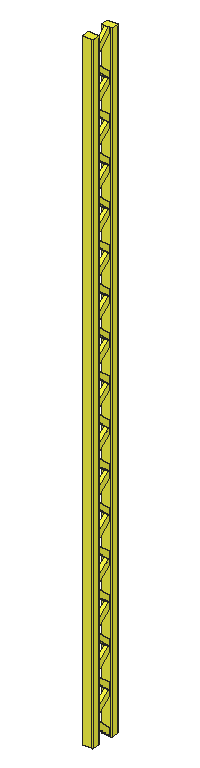
Revit family "GT24_5000_Rot", category Generic Models, Revit 2019
Family settings
  Can host rebar = No
  Round Connector Dimension = Use Diameter
  Part Type = Normal
  Work Plane-Based = Yes
  Always vertical = No
  Cut with Voids When Loaded = No
  Shared = No
  Room Calculation Point = No
Parameters
  Rot_Angle = 0.00°
  Default Elevation = 1219.2 mm
Reference planes
  plane 1 "Center (Front/Back)": y = 0
  plane 2: z = 0
  plane 3 "Center (Left/Right)": x = 0
Lines and regions (mm)
  reference lines
    curve 1: line (0, 0, 0) -> (0, 1160, 0)
Dimensions and locks
  "Rot_Angle": angle level to curve 1
  aligned and locked: level to plane 2
  aligned and locked: plane 1 "Center (Front/Back)" to curve 1
  aligned and locked: level to curve 1
Nested families
  nested 1: "GT24Grider4800" at (0, 0, 0), type "GT24Grider4800"
Definition of nested family "GT24Grider4800"
  Reference planes
    plane 1 "Center (Front/Back)": y = 0
    plane 2: z = 0
    plane 3 "Center (Left/Right)": x = 0
  Forms (mm)
    Extrusion 1, solid
      sketch origin (-40, 60, 0) x (1, 0, 0) y (0, 1, 0)
        loop
          line (5, 0) -> (75, 0)
          arc (75, 0) -> (78.536, 1.464) -> (80, 5) r 5
          line (80, 5) -> (80, 55)
          arc (80, 55) -> (78.536, 58.536) -> (75, 60) r 5
          line (75, 60) -> (5, 60)
          arc (5, 60) -> (1.464, 58.536) -> (0, 55) r 5
          line (0, 55) -> (0, 5)
          arc (0, 5) -> (1.464, 1.464) -> (5, 0) r 5
      from 0 to 4800
    Extrusion 2, solid
      sketch origin (-40, -60, 0) x (1, 0, 0) y (0, 1, 0)
        loop
          arc (5, 0) -> (1.464, -1.464) -> (0, -5) r 5
          line (0, -5) -> (0, -55)
          arc (0, -55) -> (1.464, -58.536) -> (5, -60) r 5
          line (5, -60) -> (75, -60)
          arc (75, -60) -> (78.536, -58.536) -> (80, -55) r 5
          line (80, -55) -> (80, -5)
          arc (80, -5) -> (78.536, -1.464) -> (75, 0) r 5
          line (75, 0) -> (5, 0)
      from 0 to 4800
    Extrusion 3, solid
      sketch origin (0, 0, 0) x (0, 1, 0) y (0, 0, 1)
        loop
          line (60, 261) -> (60, 311) -> (-60, 213) -> (-60, 163) -> (60, 261)
      from -14 to 14
    Extrusion 4, solid
      sketch origin (0, 0, 622) x (0, 1, 0) y (0, 0, 1)
        loop
          line (60, -261) -> (-60, -163) -> (-60, -213) -> (60, -311) -> (60, -261)
      from -14 to 14
    Extrusion 5, solid
      sketch origin (0, 0, 296) x (0, 1, 0) y (0, 0, 1)
        loop
          line (60, 261) -> (60, 311) -> (-60, 213) -> (-60, 163) -> (60, 261)
      from -14 to 14
    Extrusion 6, solid
      sketch origin (0, 0, 592) x (0, 1, 0) y (0, 0, 1)
        loop
          line (60, 261) -> (60, 311) -> (-60, 213) -> (-60, 163) -> (60, 261)
      from -14 to 14
    Extrusion 7, solid
      sketch origin (0, 0, 888) x (0, 1, 0) y (0, 0, 1)
        loop
          line (60, 261) -> (60, 311) -> (-60, 213) -> (-60, 163) -> (60, 261)
      from -14 to 14
    Extrusion 8, solid
      sketch origin (0, 0, 1184) x (0, 1, 0) y (0, 0, 1)
        loop
          line (60, 261) -> (60, 311) -> (-60, 213) -> (-60, 163) -> (60, 261)
      from -14 to 14
    Extrusion 9, solid
      sketch origin (0, 0, 1480) x (0, 1, 0) y (0, 0, 1)
        loop
          line (60, 261) -> (60, 311) -> (-60, 213) -> (-60, 163) -> (60, 261)
      from -14 to 14
    Extrusion 10, solid
      sketch origin (0, 0, 1776) x (0, 1, 0) y (0, 0, 1)
        loop
          line (60, 261) -> (60, 311) -> (-60, 213) -> (-60, 163) -> (60, 261)
      from -14 to 14
    Extrusion 11, solid
      sketch origin (0, 0, 4472) x (0, 1, 0) y (0, 0, 1)
        loop
          line (60, 278) -> (60, 328) -> (-60, 213) -> (-60, 163) -> (60, 278)
      from -14 to 14
    Extrusion 12, solid
      sketch origin (0, 0, 918) x (0, 1, 0) y (0, 0, 1)
        loop
          line (60, -261) -> (-60, -163) -> (-60, -213) -> (60, -311) -> (60, -261)
      from -14 to 14
    Extrusion 13, solid
      sketch origin (0, 0, 1214) x (0, 1, 0) y (0, 0, 1)
        loop
          line (60, -261) -> (-60, -163) -> (-60, -213) -> (60, -311) -> (60, -261)
      from -14 to 14
    Extrusion 14, solid
      sketch origin (0, 0, 1510) x (0, 1, 0) y (0, 0, 1)
        loop
          line (60, -261) -> (-60, -163) -> (-60, -213) -> (60, -311) -> (60, -261)
      from -14 to 14
    Extrusion 15, solid
      sketch origin (0, 0, 1806) x (0, 1, 0) y (0, 0, 1)
        loop
          line (60, -261) -> (-60, -163) -> (-60, -213) -> (60, -311) -> (60, -261)
      from -14 to 14
    Extrusion 16, solid
      sketch origin (0, 0, 2102) x (0, 1, 0) y (0, 0, 1)
        loop
          line (60, -261) -> (-60, -163) -> (-60, -213) -> (60, -311) -> (60, -261)
      from -14 to 14
    Extrusion 17, solid
      sketch origin (0, 0, 2398) x (0, 1, 0) y (0, 0, 1)
        loop
          line (60, -261) -> (-60, -163) -> (-60, -213) -> (60, -311) -> (60, -261)
      from -14 to 14
    Extrusion 18, solid
      sketch origin (0, 0, 326) x (0, 1, 0) y (0, 0, 1)
        loop
          line (60, -326) -> (60, -276) -> (-60, -163) -> (-60, -213) -> (60, -326)
      from -14 to 14
    Extrusion 19, solid
      sketch origin (0, 0, 2072) x (0, 1, 0) y (0, 0, 1)
        loop
          line (60, 261) -> (60, 311) -> (-60, 213) -> (-60, 163) -> (60, 261)
      from -14 to 14
    Extrusion 20, solid
      sketch origin (0, 0, 2694) x (0, 1, 0) y (0, 0, 1)
        loop
          line (60, -261) -> (-60, -163) -> (-60, -213) -> (60, -311) -> (60, -261)
      from -14 to 14
    Extrusion 21, solid
      sketch origin (0, 0, 2368) x (0, 1, 0) y (0, 0, 1)
        loop
          line (60, 261) -> (60, 311) -> (-60, 213) -> (-60, 163) -> (60, 261)
      from -14 to 14
    Extrusion 22, solid
      sketch origin (0, 0, 2990) x (0, 1, 0) y (0, 0, 1)
        loop
          line (60, -261) -> (-60, -163) -> (-60, -213) -> (60, -311) -> (60, -261)
      from -14 to 14
    Extrusion 23, solid
      sketch origin (0, 0, 2664) x (0, 1, 0) y (0, 0, 1)
        loop
          line (60, 261) -> (60, 311) -> (-60, 213) -> (-60, 163) -> (60, 261)
      from -14 to 14
    Extrusion 24, solid
      sketch origin (0, 0, 3286) x (0, 1, 0) y (0, 0, 1)
        loop
          line (60, -261) -> (-60, -163) -> (-60, -213) -> (60, -311) -> (60, -261)
      from -14 to 14
    Extrusion 25, solid
      sketch origin (0, 0, 2960) x (0, 1, 0) y (0, 0, 1)
        loop
          line (60, 261) -> (60, 311) -> (-60, 213) -> (-60, 163) -> (60, 261)
      from -14 to 14
    Extrusion 26, solid
      sketch origin (0, 0, 3582) x (0, 1, 0) y (0, 0, 1)
        loop
          line (60, -261) -> (-60, -163) -> (-60, -213) -> (60, -311) -> (60, -261)
      from -14 to 14
    Extrusion 27, solid
      sketch origin (0, 0, 3256) x (0, 1, 0) y (0, 0, 1)
        loop
          line (60, 261) -> (60, 311) -> (-60, 213) -> (-60, 163) -> (60, 261)
      from -14 to 14
    Extrusion 28, solid
      sketch origin (0, 0, 3878) x (0, 1, 0) y (0, 0, 1)
        loop
          line (60, -261) -> (-60, -163) -> (-60, -213) -> (60, -311) -> (60, -261)
      from -14 to 14
    Extrusion 29, solid
      sketch origin (0, 0, 3552) x (0, 1, 0) y (0, 0, 1)
        loop
          line (60, 261) -> (60, 311) -> (-60, 213) -> (-60, 163) -> (60, 261)
      from -14 to 14
    Extrusion 30, solid
      sketch origin (0, 0, 4174) x (0, 1, 0) y (0, 0, 1)
        loop
          line (60, -261) -> (-60, -163) -> (-60, -213) -> (60, -311) -> (60, -261)
      from -14 to 14
    Extrusion 31, solid
      sketch origin (0, 0, 3848) x (0, 1, 0) y (0, 0, 1)
        loop
          line (60, 261) -> (60, 311) -> (-60, 213) -> (-60, 163) -> (60, 261)
      from -14 to 14
    Extrusion 32, solid
      sketch origin (0, 0, 4470) x (0, 1, 0) y (0, 0, 1)
        loop
          line (60, -261) -> (-60, -163) -> (-60, -213) -> (60, -311) -> (60, -261)
      from -14 to 14
    Extrusion 33, solid
      sketch origin (0, 0, 4144) x (0, 1, 0) y (0, 0, 1)
        loop
          line (60, 261) -> (60, 311) -> (-60, 213) -> (-60, 163) -> (60, 261)
      from -14 to 14
    Extrusion 34, solid
      sketch origin (0, 0, 4766) x (0, 1, 0) y (0, 0, 1)
        loop
          line (60, -261) -> (-60, -163) -> (-60, -213) -> (60, -311) -> (60, -261)
      from -14 to 14
  Cuts and joins
    joined: Extrusion 1, Extrusion 2, Extrusion 3, Extrusion 4, Extrusion 5, Extrusion 6, Extrusion 7, Extrusion 8, Extrusion 9, Extrusion 10, Extrusion 11, Extrusion 12, Extrusion 13, Extrusion 14, Extrusion 15, Extrusion 16, Extrusion 17, Extrusion 18, Extrusion 19, Extrusion 20, Extrusion 21, Extrusion 22, Extrusion 23, Extrusion 24, Extrusion 25, Extrusion 26, Extrusion 27, Extrusion 28, Extrusion 29, Extrusion 30, Extrusion 31, Extrusion 32, Extrusion 33, Extrusion 34
  Dimensions and locks
    Extrusion 1 to Extrusion 2 = 240 mm
    aligned and locked: level to plane 2
